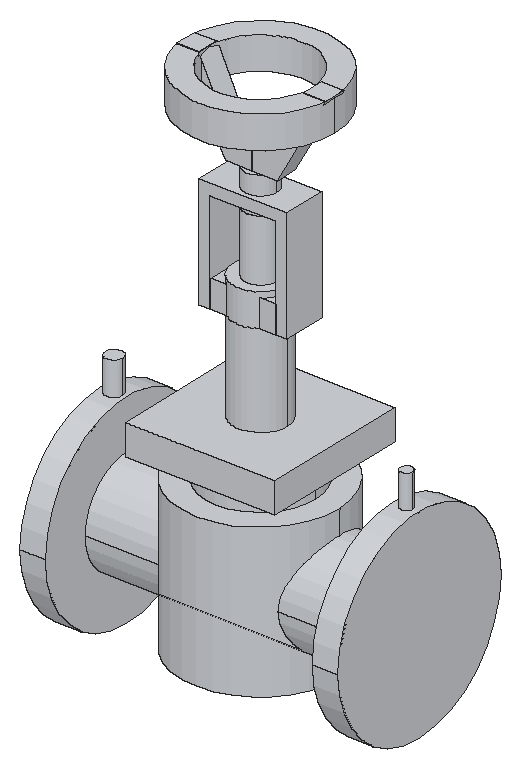
Revit family "Sigma_Compact_DN065-LF_PN16_RFA_2019", category Pipe Accessories, Revit 2019
Family settings
  Round Connector Dimension = Use Diameter
  Part Type = Valve - Breaks Into
  Work Plane-Based = No
  Always vertical = Yes
  Cut with Voids When Loaded = No
  Shared = No
Parameters (values of type "Sigma Compact DN 065 LF PN16")
  magiProductId = "7b440009bc83499eb1c9a6fd3b4fee"
  magiProductFamilyId = "111bdfd32e424cd9a1e5f1ca7ea2b6"
  magiPartTypeId = 304
  isMeasuringValve [instance] = no
  ang2D [instance] = 0.00°
  W2D = 50 mm
  VersionID = "2.0/2018.12.13.2/FRESE_SIGMA_C_BIG_Q13_001"
  Use Minimum Symbol Size [instance] = no
  URL = "www.hydronix.cz"
  Type Comments = "přírubový; PN16; max dp=800kPa; 0~+120°C; max uzavírací tlak 1MPa"
  R4 = 50.75 mm
  R3 = 48.1 mm
  R1 = 72.5 mm
  QmdConnectorList = "301;D;302;D"
  Productdata [instance] = ""
  Manufacturer = "Hydronix"
  Maintenance Zone Under Depth [instance] = 100 mm
  Maintenance Zone Right Depth [instance] = 100 mm
  Maintenance Zone Over Depth [instance] = 100 mm
  Maintenance Zone Left Depth [instance] = 100 mm
  Maintenance Zone Front Depth [instance] = 100 mm
  Maintenance Zone Back Depth [instance] = 100 mm
  Maintenance Zone Front Visibility [instance] = no
  MC Use Limits From Balancing Method = no
  MC Throttling Minimum Value = 0
  MC Throttling Maximum Value = 0
  MC Product Code = "53-2401 DN65; PN16; (4380-25000 l/h); kvs=50"
  MC Pressure Drop Minimum Value = 0.0 Pa
  MC Pressure Drop Maximum Value = 0.0 Pa
  MC Piping Given Pressure Drop [instance] = 0.0 Pa
  LF__ve = -LF  # -23.2 mm
  LF2 = 11.6 mm
  LF = 23.2 mm
  L432 = 23.853 mm
  L43 = 47.705 mm
  L42 = 68.15 mm
  L4 = 136.3 mm
  L3 = 243.6 mm
  L2D_Min = 30.48 mm
  L2D = 230 mm
  L2 = 145 mm
  HH12 = 16.5 mm
  HH1 = 33 mm
  HDF__ve = -HDF  # -199 mm
  HDF = 199 mm
  H6 = 85 mm
  H4 = 27.75 mm
  H3 = 23.125 mm
  H2 = 69.375 mm
  H11 = 138.75 mm
  H1 = 497 mm
  H = 384 mm
  Description = "Automatický vyvažovací ventil"
  DF2 = 92.5 mm
  D = 65 mm
  Clearance Zone Height Depth [instance] = 100 mm
  Clearance Zone Circular Radius [instance] = 145 mm
  Clearance Zone Visibility [instance] = no
  CAT0 = yes
Types (9, lengths in mm): name | magiProductId | Type Comments | R4 | R3 | R1 | MC Product Code | LF__ve | LF2 | LF | L432 | L43 | L42 | L4 | L3 | L2 | HH12 | HH1 | HDF__ve | HDF | H4 | H3 | H2 | H11 | H1 | H | DF2 | D | Clearance Zone Circular Radius
  Sigma Compact DN 050 LF PN16 | "7ce002c265594233b83d195dc264f1" | "přírubový; PN16; max dp=800kPa; 0~+120°C; max uzavírací tlak 1MPa" | 40.25 | 42.9 | 57.5 | "53-2400 DN50; PN16; (2480-15000 l/h); kvs=34" | -18.4 | 9.2 | 18.4 | 18.917 | 37.835 | 54.05 | 108.1 | 193.2 | 115 | 16.5 | 33 | -202 | 202 | 24.75 | 20.625 | 61.875 | 123.75 | 480 | 367 | 82.5 | 50 | 115
  Sigma Compact DN 065 LF PN16 | "7b440009bc83499eb1c9a6fd3b4fee" | "přírubový; PN16; max dp=800kPa; 0~+120°C; max uzavírací tlak 1MPa" | 50.75 | 48.1 | 72.5 | "53-2401 DN65; PN16; (4380-25000 l/h); kvs=50" | -23.2 | 11.6 | 23.2 | 23.853 | 47.705 | 68.15 | 136.3 | 243.6 | 145 | 16.5 | 33 | -199 | 199 | 27.75 | 23.125 | 69.375 | 138.75 | 497 | 384 | 92.5 | 65 | 145
  Sigma Compact DN 080 LF PN16 | "c04670cd33374e61a046fccc79a79b" | "přírubový; PN16; max dp=800kPa; 0~+120°C; max uzavírací tlak 1MPa" | 54.25 | 52 | 77.5 | "53-2402 DN80; PN16; (5340-34000 l/h); kvs=68" | -24.8 | 12.4 | 24.8 | 25.497 | 50.995 | 72.85 | 145.7 | 260.4 | 155 | 16.5 | 33 | -213 | 213 | 30 | 25 | 75 | 150 | 526 | 413 | 100 | 80 | 155
  Sigma Compact DN 100 LF PN16 | "e9669c3b3cb042d39f52f9a3f8394b" | "přírubový; PN16; max dp=800kPa; 0~+120°C; max uzavírací tlak 1MPa" | 61.25 | 61.1 | 87.5 | "53-2403 DN100; PN16; (12100-68000 l/h); kvs=115" | -28 | 14 | 28 | 28.788 | 57.575 | 82.25 | 164.5 | 294 | 175 | 34 | 68 | -331 | 331 | 35.25 | 29.375 | 88.125 | 176.25 | 714 | 566 | 117.5 | 100 | 175
  Sigma Compact DN 125 LF PN16 | "72414964175c4f3999d5daaa67221e" | "přírubový; PN16; max dp=800kPa; 0~+120°C; max uzavírací tlak 1MPa" | 70 | 70.2 | 100 | "53-2404 DN125; PN16; (18500-110000 l/h); kvs=186" | -32 | 16 | 32 | 32.9 | 65.8 | 94 | 188 | 336 | 200 | 36.5 | 73 | -338 | 338 | 40.5 | 33.75 | 101.25 | 202.5 | 761 | 608 | 135 | 125 | 200
  Sigma Compact DN 150 LF PN16 | "cb5ac98de80a46389b4a96eb8539c2" | "přírubový; PN16; max dp=800kPa; 0~+110°C; max uzavírací tlak 1MPa" | 84 | 74.1 | 120 | "53-2405 DN150; PN16; (25600-148000 l/h); kvs=250" | -38.4 | 19.2 | 38.4 | 39.48 | 78.96 | 112.8 | 225.6 | 403.2 | 240 | 13 | 26 | -391 | 391 | 42.75 | 35.625 | 106.875 | 213.75 | 782 | 676 | 142.5 | 150 | 240
  Sigma Compact DN 200 LF PN16 | "bd9983fcf82240be8b5626661ef83b" | "přírubový; PN16; max dp=800kPa; 0~+110°C; max uzavírací tlak 1MPa" | 105 | 98.8 | 150 | "53-2406 DN200; PN16; (95000-210000 l/h); kvs=371" | -48 | 24 | 48 | 49.35 | 98.7 | 141 | 282 | 504 | 300 | 29.5 | 59 | -334 | 334 | 57 | 47.5 | 142.5 | 285 | 853 | 714 | 190 | 200 | 300
  Sigma Compact DN 250 LF PN16 | "6516628c9ce0481f89e5702e575104" | "přírubový; PN16; max dp=800kPa; 0~+110°C; max uzavírací tlak 1MPa" | 127.75 | 115.44 | 182.5 | "53-2407 DN250; PN16; (190000-475000 l/h); kvs=803" | -58.4 | 29.2 | 58.4 | 60.042 | 120.085 | 171.55 | 343.1 | 613.2 | 365 | 29 | 58 | -462 | 462 | 66.6 | 55.5 | 166.5 | 333 | 1044 | 906 | 222 | 250 | 365
  Sigma Compact DN 300 LF PN16 | "f16ecb3a8ad443e99405ecd1e4779a" | "přírubový; PN16; max dp=800kPa; 0~+110°C; max uzavírací tlak 1MPa" | 148.75 | 135.2 | 212.5 | "53-2408 DN300; PN16; (190000-475000 l/h); kvs=803" | -68 | 34 | 68 | 69.912 | 139.825 | 199.75 | 399.5 | 714 | 425 | 29 | 58 | -424 | 424 | 78 | 65 | 195 | 390 | 1082 | 944 | 260 | 300 | 425
Reference planes
  plane 1 "Center (Front/Back)": y = 0
  plane 2 "XYPLANE": z = 0
  plane 3 "Center (Left/Right)": x = 0
  plane 4 "298": y = -192.5
  plane 5 "297": y = 192.5
  plane 6 "296": y = -92.5
  plane 7 "295": y = 92.5
  plane 8 "294": z = -192.5
  plane 9 "293": z = 504.5
  plane 10 "292": x = -245
  plane 11 "291": x = 245
  plane 12 "290": z = 504.5
  plane 13 "256": y = -20
  plane 14 "254": z = 298
  plane 15 "253": z = 308
  plane 16 "252": x = -40
  plane 17 "251": x = -30
  plane 18 "250": x = 40
  plane 19 "249": x = 30
  plane 20 "247": z = 205.25
  plane 21 "244": z = 291.5
  plane 22 "243": x = 68.15
  plane 23 "242": x = 47.705
  plane 24 "241": x = 23.853
  plane 25 "240": y = -10
  plane 26 "238": x = -23.853
  plane 27 "237": x = -47.705
  plane 28 "236": z = 324.5
  plane 29 "235": z = 354.5
  plane 30 "234": x = -68.15
  plane 31 "225": z = 404.5
  plane 32 "224": z = -92.5
  plane 33 "157": x = 133.4
  plane 34 "156": x = -133.4
  plane 35 "155": z = 92.5
  plane 36 "154": z = 120.25
  plane 37 "153": z = 92.5
  plane 38 "152": z = 69.375
  plane 39 "151": x = -121.8
  plane 40 "150": z = -69.375
  plane 41 "149": x = 0
  plane 42 "148": y = 0
  plane 43 "147": z = 0
  plane 44 "146": x = -145
  plane 45 "145": x = 145
Forms (mm)
  Blend 1, solid, visible <- "Maintenance Zone Front Visibility"
    base sketch origin (-750, 0, 504.5) x (1, 0, 0) y (0, 1, 0)
      loop
        line (505, 192.5) -> (505, -192.5) -> (995, -192.5) -> (995, 192.5) -> (505, 192.5)
    top sketch origin (-750, 0, 504.5) x (1, 0, 0) y (0, 1, 0)
      loop
        line (505, 192.5) -> (505, -192.5) -> (995, -192.5) -> (995, 192.5) -> (505, 192.5)
    from 0 to -697
  Blend 2, solid, visible <- "Clearance Zone Visibility"
    base sketch origin (-750, 0, 0) x (1, 0, 0) y (0, 1, 0)
      loop
        circle (750, 0) r 145
    top sketch origin (-750, 0, 0) x (1, 0, 0) y (0, 1, 0)
      loop
        circle (750, 0) r 145
    from 0 to 504.5
  Extrusion 3, solid
    sketch origin (-750, 0, 291.5) x (1, 0, 0) y (0, 1, 0)
      loop
        circle (750, 0) r 14.935
    from 0 to -199 <- "HDF__ve"
  Extrusion 4, solid
    sketch origin (-750, 0, 205.25) x (1, 0, 0) y (0, 1, 0)
      loop
        line (780, 20) -> (720, 20) -> (720, -20) -> (780, -20) -> (780, 20)
    from 0 to 25
  Extrusion 5, solid
    sketch origin (750, -20, 0) x (-1, 0, 0) y (0, 0, 1)
      loop
        line (790, 205.25) -> (790, 308) -> (710, 308) -> (710, 205.25) -> (720, 205.25) -> (720, 298) -> (780, 298) -> (780, 205.25) -> (790, 205.25)
    from 0 to 40
  Extrusion 6, solid
    sketch origin (-750, 0, 205.25) x (1, 0, 0) y (0, 1, 0)
      loop
        circle (750, 0) r 25
    from 0 to 30
  Extrusion 7, solid
    sketch origin (750, -10, 0) x (-1, 0, 0) y (0, 0, 1)
      loop
        line (797.705, 404.5) -> (773.853, 354.5) -> (750, 354.5) -> (750, 324.5) -> (773.853, 324.5) -> (818.15, 404.5) -> (797.705, 404.5)
    from 0 to 20
  Extrusion 8, solid
    sketch origin (750, -10, 0) x (-1, 0, 0) y (0, 0, 1)
      loop
        line (702.295, 404.5) -> (681.85, 404.5) -> (726.147, 324.5) -> (750, 324.5) -> (750, 354.5) -> (726.147, 354.5) -> (702.295, 404.5)
    from 0 to 20
  Extrusion 9, solid
    sketch origin (-750, 0, 291.5) x (1, 0, 0) y (0, 1, 0)
      loop
        circle (750, 0) r 14.935
    from 0 to 33 <- "HH1"
  Extrusion 10, solid
    sketch origin (-750, 0, 404.5) x (1, 0, 0) y (0, 1, 0)
      loop
        circle (750, 0) r 68.15
      loop
        circle (750, 0) r 47.705
    from 0 to -30
  Extrusion 11, solid, visible <- "CAT0"
    sketch origin (-750, 0, 92.5) x (1, 0, 0) y (0, 1, 0)
      loop
        circle (883.4, 0) r 5.5
    from 0 to 30
  Extrusion 12, solid, visible <- "CAT0"
    sketch origin (-750, 0, 92.5) x (1, 0, 0) y (0, 1, 0)
      loop
        circle (616.6, 0) r 7.9
    from 0 to 30
  Extrusion 13, solid, visible <- "CAT0"
    sketch origin (-750, 0, 120.25) x (1, 0, 0) y (0, 1, 0)
      loop
        circle (750, 0) r 24.935
    from 0 to 85 <- "H6"
  Extrusion 14, solid, visible <- "CAT0"
    sketch origin (-750, 0, 92.5) x (1, 0, 0) y (0, 1, 0)
      loop
        line (818.15, 68.15) -> (681.85, 68.15) -> (681.85, -68.15) -> (818.15, -68.15) -> (818.15, 68.15)
    from 0 to 27.75 <- "H4"
  Extrusion 15, solid, visible <- "CAT0"
    sketch origin (-750, 0, 69.375) x (1, 0, 0) y (0, 1, 0)
      loop
        circle (750, 0) r 50.75
    from 0 to 23.125 <- "H3"
  Extrusion 16, solid, visible <- "CAT0"
    sketch origin (-121.8, -750, 0) x (0, 1, 0) y (0, 0, 1)
      loop
        circle (750, 0) r 48.1
    from 0 to 243.6 <- "L3"
  Extrusion 17, solid, visible <- "CAT0"
    sketch origin (-750, 0, -69.375) x (1, 0, 0) y (0, 1, 0)
      loop
        circle (750, 0) r 72.5
    from 0 to 138.75 <- "H11"
  Extrusion 18, solid, visible <- "CAT0"
    sketch origin (-145, -750, 0) x (0, 1, 0) y (0, 0, 1)
      loop
        circle (750, 0) r 92.5
    from 0 to 23.2 <- "LF"
  Extrusion 19, solid, visible <- "CAT0"
    sketch origin (145, -750, 0) x (0, 1, 0) y (0, 0, 1)
      loop
        circle (750, 0) r 92.5
    from 0 to -23.2 <- "LF__ve"
  Extrusion 20, solid, not visible
    sketch origin (-145, -750, 0) x (0, 1, 0) y (0, 0, 1)
      loop
        circle (750, 0) r 10
    from 0 to 10
  Extrusion 21, solid, not visible
    sketch origin (145, -750, 0) x (0, 1, 0) y (0, 0, 1)
      loop
        circle (750, 0) r 10
    from 0 to -10
Lines and regions (mm)
  reference lines, not visible
    curve 1: circle (2, 2, 0) r 1 normal (0, 0, 1)
  reference lines
    curve 2: circle (0, 0, 92.5) r 1 normal (0, 0, 1)
Dimensions and locks
  plane 1 "Center (Front/Back)" to curve 1 = 2 mm
  "Maintenance Zone Front Depth": plane 6 "296" to plane 4 "298"
  "Maintenance Zone Back Depth": plane 7 "295" to plane 5 "297"
  "DF2": plane 42 "148" to plane 6 "296"
  "DF2": plane 42 "148" to plane 7 "295"
  "Maintenance Zone Under Depth": plane 32 "224" to plane 8 "294"
  "Maintenance Zone Over Depth": plane 31 "225" to plane 9 "293"
  "Maintenance Zone Left Depth": plane 44 "146" to plane 10 "292"
  "Maintenance Zone Right Depth": plane 45 "145" to plane 11 "291"
  "Clearance Zone Height Depth": plane 31 "225" to plane 12 "290"
  locked: plane 25 "240" to plane 13 "256" at 10
  locked: plane 15 "253" to plane 14 "254" at 10
  "HH12": plane 21 "244" to plane 15 "253"
  locked: plane 17 "251" to plane 16 "252" at 10
  locked: plane 41 "149" to plane 17 "251" at 30
  locked: plane 19 "249" to plane 18 "250" at 10
  locked: plane 41 "149" to plane 19 "249" at 30
  "H6": plane 36 "154" to plane 20 "247"
  "H": plane 32 "224" to plane 21 "244"
  "L42": plane 41 "149" to plane 22 "243"
  "L43": plane 41 "149" to plane 23 "242"
  "L432": plane 41 "149" to plane 24 "241"
  locked: plane 42 "148" to plane 25 "240" at 10
  "L432": plane 41 "149" to plane 26 "238"
  "L43": plane 41 "149" to plane 27 "237"
  locked: plane 29 "235" to plane 28 "236" at 30
  locked: plane 31 "225" to plane 29 "235" at 50
  "L42": plane 41 "149" to plane 30 "234"
  "H1": plane 32 "224" to plane 31 "225"
  "DF2": plane 2 "XYPLANE" to plane 32 "224"
  "LF2": plane 45 "145" to plane 33 "157"
  "LF2": plane 44 "146" to plane 34 "156"
  "DF2": plane 2 "XYPLANE" to plane 35 "155"
  "H4": plane 37 "153" to plane 36 "154"
  "H3": plane 38 "152" to plane 37 "153"
  "H11": plane 40 "150" to plane 38 "152"
  "LF": plane 44 "146" to plane 39 "151"
  "H2": plane 2 "XYPLANE" to plane 40 "150"
  locked: plane 3 "Center (Left/Right)" to plane 41 "149"
  locked: plane 1 "Center (Front/Back)" to plane 42 "148"
  locked: plane 2 "XYPLANE" to plane 43 "147"
  "L2": plane 3 "Center (Left/Right)" to plane 44 "146"
  "L2": plane 3 "Center (Left/Right)" to plane 45 "145"
  Blend 1 sketch curve to Blend 1 sketch curve = 0 mm  (x16)
  Extrusion 4 sketch curve to Extrusion 4 sketch curve = 0 mm  (x8)
  Extrusion 5 sketch curve to Extrusion 5 sketch curve = 0 mm  (x16)
  Extrusion 7 sketch curve to Extrusion 7 sketch curve = 0 mm  (x12)
  Extrusion 8 sketch curve to Extrusion 8 sketch curve = 0 mm  (x12)
  equal spacing: Extrusion 14 sketch curve, curve 2, Extrusion 14 sketch curve  (x2)
  "L4": Extrusion 14 sketch curve to Extrusion 14 sketch curve  (x2)
  Extrusion 14 sketch curve to Extrusion 14 sketch curve = 0 mm  (x8)
  "Clearance Zone Circular Radius": radius of Blend 2 sketch curve  (x2)
  "L42": radius of Extrusion 10 sketch curve
  "L43": radius of Extrusion 10 sketch curve
  "R4": radius of Extrusion 15 sketch curve
  "R3": radius of Extrusion 16 sketch curve
  "R1": radius of Extrusion 17 sketch curve
  "DF2": radius of Extrusion 18 sketch curve
  "DF2": radius of Extrusion 19 sketch curve
  aligned and locked: level to plane 2 "XYPLANE"
  aligned and locked: Blend 1 sketch curve to plane 5 "297"  (x2)
  aligned and locked: plane 10 "292" to Blend 1 sketch curve  (x4)
  aligned and locked: plane 11 "291" to Blend 1 sketch curve  (x4)
  aligned and locked: plane 5 "297" to Blend 1 sketch curve  (x2)
  aligned and locked: plane 4 "298" to Blend 1 sketch curve  (x4)
  aligned and locked: Blend 1 to plane 8 "294"
  aligned and locked: plane 41 "149" to Blend 2 sketch curve  (x2)
  aligned and locked: plane 42 "148" to Blend 2 sketch curve  (x2)
  aligned and locked: plane 12 "290" to Blend 2
  aligned and locked: plane 41 "149" to Extrusion 3 sketch curve
  aligned and locked: plane 42 "148" to Extrusion 3 sketch curve
  aligned and locked: Extrusion 5 sketch curve to plane 16 "252"
  aligned and locked: plane 20 "247" to Extrusion 5 sketch curve  (x4)
  aligned and locked: plane 15 "253" to Extrusion 5 sketch curve  (x2)
  aligned and locked: plane 16 "252" to Extrusion 5 sketch curve
  aligned and locked: plane 18 "250" to Extrusion 5 sketch curve  (x2)
  aligned and locked: plane 19 "249" to Extrusion 5 sketch curve  (x2)
  aligned and locked: plane 14 "254" to Extrusion 5 sketch curve  (x2)
  aligned and locked: plane 17 "251" to Extrusion 5 sketch curve  (x2)
  aligned and locked: plane 41 "149" to Extrusion 6 sketch curve
  aligned and locked: plane 42 "148" to Extrusion 6 sketch curve
  aligned and locked: plane 27 "237" to Extrusion 7 sketch curve
  aligned and locked: plane 31 "225" to Extrusion 7 sketch curve  (x2)
  aligned and locked: plane 26 "238" to Extrusion 7 sketch curve  (x2)
  aligned and locked: plane 29 "235" to Extrusion 7 sketch curve  (x2)
  aligned and locked: plane 41 "149" to Extrusion 7 sketch curve  (x2)
  aligned and locked: plane 28 "236" to Extrusion 7 sketch curve  (x2)
  aligned and locked: plane 30 "234" to Extrusion 7 sketch curve
  aligned and locked: plane 23 "242" to Extrusion 8 sketch curve
  aligned and locked: plane 31 "225" to Extrusion 8 sketch curve  (x2)
  aligned and locked: plane 24 "241" to Extrusion 8 sketch curve  (x2)
  aligned and locked: plane 29 "235" to Extrusion 8 sketch curve  (x2)
  aligned and locked: plane 41 "149" to Extrusion 8 sketch curve  (x2)
  aligned and locked: plane 28 "236" to Extrusion 8 sketch curve  (x2)
  aligned and locked: plane 22 "243" to Extrusion 8 sketch curve
  aligned and locked: plane 41 "149" to Extrusion 9 sketch curve
  aligned and locked: plane 42 "148" to Extrusion 9 sketch curve
  aligned and locked: plane 41 "149" to Extrusion 10 sketch curve  (x2)
  aligned and locked: plane 42 "148" to Extrusion 10 sketch curve  (x2)
  aligned and locked: plane 33 "157" to Extrusion 11 sketch curve
  aligned and locked: plane 42 "148" to Extrusion 11 sketch curve
  aligned and locked: plane 34 "156" to Extrusion 12 sketch curve
  aligned and locked: plane 42 "148" to Extrusion 12 sketch curve
  aligned and locked: plane 41 "149" to Extrusion 13 sketch curve
  aligned and locked: plane 42 "148" to Extrusion 13 sketch curve
  aligned and locked: plane 41 "149" to curve 2
  aligned and locked: plane 42 "148" to curve 2
  aligned and locked: plane 41 "149" to Extrusion 15 sketch curve
  aligned and locked: plane 42 "148" to Extrusion 15 sketch curve
  aligned and locked: Extrusion 16 sketch curve to plane 42 "148"
  aligned and locked: plane 43 "147" to Extrusion 16 sketch curve
  aligned and locked: plane 41 "149" to Extrusion 17 sketch curve
  aligned and locked: plane 42 "148" to Extrusion 17 sketch curve
  aligned and locked: Extrusion 18 sketch curve to plane 42 "148"
  aligned and locked: plane 43 "147" to Extrusion 18 sketch curve
  aligned and locked: Extrusion 19 sketch curve to plane 42 "148"
  aligned and locked: plane 43 "147" to Extrusion 19 sketch curve
  aligned and locked: Extrusion 20 sketch curve to plane 42 "148"
  aligned and locked: plane 43 "147" to Extrusion 20 sketch curve
  aligned and locked: Extrusion 21 sketch curve to plane 42 "148"
  aligned and locked: plane 43 "147" to Extrusion 21 sketch curve
Automatic sketch dimensions
  plane 26 "238" to Extrusion 3 sketch curve = 8.917 mm
  Extrusion 4 sketch curve to plane 17 "251" = 0 mm
  Extrusion 4 sketch curve to plane 13 "256" = 0 mm
  Extrusion 4 sketch curve to plane 19 "249" = 0 mm
  Extrusion 4 sketch curve to plane 1 "Center (Front/Back)" = 20 mm
  plane 17 "251" to Extrusion 6 sketch curve = 5 mm
  plane 26 "238" to Extrusion 9 sketch curve = 8.917 mm
  Extrusion 11 sketch curve to plane 33 "157" = 5.5 mm
  plane 44 "146" to Extrusion 12 sketch curve = 3.7 mm
  Extrusion 13 sketch curve to plane 26 "238" = 1.083 mm
  Extrusion 20 sketch curve to plane 25 "240" = 0 mm
  Extrusion 21 sketch curve to plane 25 "240" = 0 mm
  plane 3 "Center (Left/Right)" to curve 1 = 2 mm
  Extrusion 14 sketch curve to plane 30 "234" = 0 mm
  plane 6 "296" to Extrusion 14 sketch curve = 24.35 mm
  radius of curve 2 = 1 mm
  radius of curve 1 = 1 mm
Connectors
  piping at (-145, 0, 0), diameter 65, driven by "D"
    settings: on Extrusion 20, index 1, connector inside diameter 609.6 mm, connector length 0 mm, flow factor 0, pipe flow 0.0 L/s, pressure drop 0.0 Pa, fitting loss kfactor 0, connector angle 0.00°, fixture units 0, engagement length 0 mm, angle of deflection 0.00°, flow configuration 0, flow direction 0, fitting loss method 0, system type 29, joint type 0, gender type 0, connector reference index 2, connector utility 0, adjustable connector no, is connector primary yes, connector description ""
  piping at (145, 0, 0), diameter 65, driven by "D"
    settings: on Extrusion 21, index 2, connector inside diameter 609.6 mm, connector length 0 mm, flow factor 0, pipe flow 0.0 L/s, pressure drop 0.0 Pa, fitting loss kfactor 0, connector angle 0.00°, fixture units 0, engagement length 0 mm, angle of deflection 0.00°, flow configuration 0, flow direction 0, fitting loss method 0, system type 29, joint type 0, gender type 0, connector reference index 1, connector utility 0, adjustable connector no, is connector primary no, connector description ""
